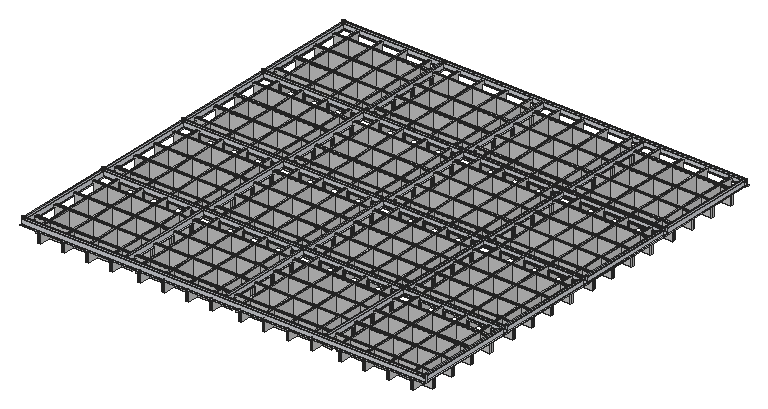
Revit family "GRD-WFL-001_RFA", category Modelos genéricos, Revit 2022 (continued)
Forms (in)
  Extrusion 693, solid
    sketch origin (83.61511, 23.99827, -1.20924) x (0, 1, 0) y (0, 0, -1)
      loop
        line (0.96881, 1.14538) -> (0.96881, -1.85462) -> (0.65631, -1.85462) -> (0.65631, -2.35462) -> (0.96881, -2.35462) -> (3.48948, -2.35462) -> (3.48948, -0.60462) -> (4.19814, -0.60462) -> (4.19814, -2.35462) -> (9.23948, -2.35462) -> (9.23948, -0.60462) -> (9.94814, -0.60462) -> (9.94814, -2.35462) -> (14.98948, -2.35462) -> (14.98948, -0.60462) -> (15.69814, -0.60462) -> (15.69814, -2.35462) -> (20.73948, -2.35462) -> (20.73948, -0.60462) -> (21.44814, -0.60462) -> (21.44814, -2.35462) -> (24.28131, -2.35462) -> (24.28131, -1.85462) -> (23.96881, -1.85462) -> (23.96881, 1.14538) -> (0.96881, 1.14538)
    from -3.96341 to -3.49097
  Extrusion 694, solid
    sketch origin (89.36511, 23.99827, -1.20924) x (0, 1, 0) y (0, 0, -1)
      loop
        line (0.96881, 1.14538) -> (0.96881, -1.85462) -> (0.65631, -1.85462) -> (0.65631, -2.35462) -> (0.96881, -2.35462) -> (3.48948, -2.35462) -> (3.48948, -0.60462) -> (4.19814, -0.60462) -> (4.19814, -2.35462) -> (9.23948, -2.35462) -> (9.23948, -0.60462) -> (9.94814, -0.60462) -> (9.94814, -2.35462) -> (14.98948, -2.35462) -> (14.98948, -0.60462) -> (15.69814, -0.60462) -> (15.69814, -2.35462) -> (20.73948, -2.35462) -> (20.73948, -0.60462) -> (21.44814, -0.60462) -> (21.44814, -2.35462) -> (24.28131, -2.35462) -> (24.28131, -1.85462) -> (23.96881, -1.85462) -> (23.96881, 1.14538) -> (0.96881, 1.14538)
    from -3.96341 to -3.49097
  Extrusion 695, solid
    sketch origin (71.99849, 47.99851, 0) x (1, 0, 0) y (0, 0, 1)
      loop
        line (0.96881, 0.64538) -> (0.96881, -2.35462) -> (3.48948, -2.35462) -> (3.48948, -0.60462) -> (4.19814, -0.60462) -> (4.19814, -2.35462) -> (9.23948, -2.35462) -> (9.23948, -0.60462) -> (9.94814, -0.60462) -> (9.94814, -2.35462) -> (14.98948, -2.35462) -> (14.98948, -0.60462) -> (15.69814, -0.60462) -> (15.69814, -2.35462) -> (20.73948, -2.35462) -> (20.73948, -0.60462) -> (21.44814, -0.60462) -> (21.44814, -2.35462) -> (23.96881, -2.35462) -> (23.96881, 0.64538) -> (24.28131, 0.64538) -> (24.28131, 1.14538) -> (0.65631, 1.14538) -> (0.65631, 0.64538) -> (0.96881, 0.64538)
    from -3.60908 to -3.49097
  Extrusion 696, solid
    sketch origin (71.99849, 47.99851, 0) x (1, 0, 0) y (0, 0, 1)
      loop
        line (0.96881, 0.64538) -> (0.96881, -2.35462) -> (3.48948, -2.35462) -> (3.48948, -0.60462) -> (4.19814, -0.60462) -> (4.19814, -2.35462) -> (9.23948, -2.35462) -> (9.23948, -0.60462) -> (9.94814, -0.60462) -> (9.94814, -2.35462) -> (14.98948, -2.35462) -> (14.98948, -0.60462) -> (15.69814, -0.60462) -> (15.69814, -2.35462) -> (20.73948, -2.35462) -> (20.73948, -0.60462) -> (21.44814, -0.60462) -> (21.44814, -2.35462) -> (23.96881, -2.35462) -> (23.96881, 0.64538) -> (24.28131, 0.64538) -> (24.28131, 1.14538) -> (0.65631, 1.14538) -> (0.65631, 0.64538) -> (0.96881, 0.64538)
    from -4.08152 to -3.60908
  Extrusion 697, solid
    sketch origin (71.99849, 47.99851, 0) x (1, 0, 0) y (0, 0, 1)
      loop
        line (0.96881, 0.64538) -> (0.96881, -2.35462) -> (3.48948, -2.35462) -> (3.48948, -0.60462) -> (4.19814, -0.60462) -> (4.19814, -2.35462) -> (9.23948, -2.35462) -> (9.23948, -0.60462) -> (9.94814, -0.60462) -> (9.94814, -2.35462) -> (14.98948, -2.35462) -> (14.98948, -0.60462) -> (15.69814, -0.60462) -> (15.69814, -2.35462) -> (20.73948, -2.35462) -> (20.73948, -0.60462) -> (21.44814, -0.60462) -> (21.44814, -2.35462) -> (23.96881, -2.35462) -> (23.96881, 0.64538) -> (24.28131, 0.64538) -> (24.28131, 1.14538) -> (0.65631, 1.14538) -> (0.65631, 0.64538) -> (0.96881, 0.64538)
    from -4.19963 to -4.08152
  Extrusion 698, solid
    sketch origin (71.997, 47.99999, -1.20924) x (0, 1, 0) y (0, 0, -1)
      loop
        line (0.96881, 1.14538) -> (0.96881, -1.85462) -> (0.65631, -1.85462) -> (0.65631, -2.35462) -> (0.96881, -2.35462) -> (3.48948, -2.35462) -> (3.48948, -0.60462) -> (4.19814, -0.60462) -> (4.19814, -2.35462) -> (9.23948, -2.35462) -> (9.23948, -0.60462) -> (9.94814, -0.60462) -> (9.94814, -2.35462) -> (14.98948, -2.35462) -> (14.98948, -0.60462) -> (15.69814, -0.60462) -> (15.69814, -2.35462) -> (20.73948, -2.35462) -> (20.73948, -0.60462) -> (21.44814, -0.60462) -> (21.44814, -2.35462) -> (24.28131, -2.35462) -> (24.28131, -1.85462) -> (23.96881, -1.85462) -> (23.96881, 1.14538) -> (0.96881, 1.14538)
    from -3.60908 to -3.49097
  Extrusion 699, solid
    sketch origin (72.11511, 47.99999, -1.20924) x (0, 1, 0) y (0, 0, -1)
      loop
        line (0.96881, 1.14538) -> (0.96881, -1.85462) -> (0.65631, -1.85462) -> (0.65631, -2.35462) -> (0.96881, -2.35462) -> (3.48948, -2.35462) -> (3.48948, -0.60462) -> (4.19814, -0.60462) -> (4.19814, -2.35462) -> (9.23948, -2.35462) -> (9.23948, -0.60462) -> (9.94814, -0.60462) -> (9.94814, -2.35462) -> (14.98948, -2.35462) -> (14.98948, -0.60462) -> (15.69814, -0.60462) -> (15.69814, -2.35462) -> (20.73948, -2.35462) -> (20.73948, -0.60462) -> (21.44814, -0.60462) -> (21.44814, -2.35462) -> (24.28131, -2.35462) -> (24.28131, -1.85462) -> (23.96881, -1.85462) -> (23.96881, 1.14538) -> (0.96881, 1.14538)
    from -3.96341 to -3.49097
  Extrusion 700, solid
    sketch origin (71.997, 47.99999, -1.20924) x (0, 1, 0) y (0, 0, -1)
      loop
        line (0.96881, 1.14538) -> (0.96881, -1.85462) -> (0.65631, -1.85462) -> (0.65631, -2.35462) -> (0.96881, -2.35462) -> (3.48948, -2.35462) -> (3.48948, -0.60462) -> (4.19814, -0.60462) -> (4.19814, -2.35462) -> (9.23948, -2.35462) -> (9.23948, -0.60462) -> (9.94814, -0.60462) -> (9.94814, -2.35462) -> (14.98948, -2.35462) -> (14.98948, -0.60462) -> (15.69814, -0.60462) -> (15.69814, -2.35462) -> (20.73948, -2.35462) -> (20.73948, -0.60462) -> (21.44814, -0.60462) -> (21.44814, -2.35462) -> (24.28131, -2.35462) -> (24.28131, -1.85462) -> (23.96881, -1.85462) -> (23.96881, 1.14538) -> (0.96881, 1.14538)
    from -4.19963 to -4.08152
  Extrusion 701, solid
    sketch origin (71.99849, 47.99851, 0) x (1, 0, 0) y (0, 0, 1)
      loop
        line (0.96881, 0.64538) -> (0.96881, -2.35462) -> (3.48948, -2.35462) -> (3.48948, -0.60462) -> (4.19814, -0.60462) -> (4.19814, -2.35462) -> (9.23948, -2.35462) -> (9.23948, -0.60462) -> (9.94814, -0.60462) -> (9.94814, -2.35462) -> (14.98948, -2.35462) -> (14.98948, -0.60462) -> (15.69814, -0.60462) -> (15.69814, -2.35462) -> (20.73948, -2.35462) -> (20.73948, -0.60462) -> (21.44814, -0.60462) -> (21.44814, -2.35462) -> (23.96881, -2.35462) -> (23.96881, 0.64538) -> (24.28131, 0.64538) -> (24.28131, 1.14538) -> (0.65631, 1.14538) -> (0.65631, 0.64538) -> (0.96881, 0.64538)
    from -9.94963 to -9.83152
  Extrusion 702, solid
    sketch origin (71.99849, 47.99851, 0) x (1, 0, 0) y (0, 0, 1)
      loop
        line (0.96881, 0.64538) -> (0.96881, -2.35462) -> (3.48948, -2.35462) -> (3.48948, -0.60462) -> (4.19814, -0.60462) -> (4.19814, -2.35462) -> (9.23948, -2.35462) -> (9.23948, -0.60462) -> (9.94814, -0.60462) -> (9.94814, -2.35462) -> (14.98948, -2.35462) -> (14.98948, -0.60462) -> (15.69814, -0.60462) -> (15.69814, -2.35462) -> (20.73948, -2.35462) -> (20.73948, -0.60462) -> (21.44814, -0.60462) -> (21.44814, -2.35462) -> (23.96881, -2.35462) -> (23.96881, 0.64538) -> (24.28131, 0.64538) -> (24.28131, 1.14538) -> (0.65631, 1.14538) -> (0.65631, 0.64538) -> (0.96881, 0.64538)
    from -9.35908 to -9.24097
  Extrusion 703, solid
    sketch origin (71.99849, 47.99851, 0) x (1, 0, 0) y (0, 0, 1)
      loop
        line (0.96881, 0.64538) -> (0.96881, -2.35462) -> (3.48948, -2.35462) -> (3.48948, -0.60462) -> (4.19814, -0.60462) -> (4.19814, -2.35462) -> (9.23948, -2.35462) -> (9.23948, -0.60462) -> (9.94814, -0.60462) -> (9.94814, -2.35462) -> (14.98948, -2.35462) -> (14.98948, -0.60462) -> (15.69814, -0.60462) -> (15.69814, -2.35462) -> (20.73948, -2.35462) -> (20.73948, -0.60462) -> (21.44814, -0.60462) -> (21.44814, -2.35462) -> (23.96881, -2.35462) -> (23.96881, 0.64538) -> (24.28131, 0.64538) -> (24.28131, 1.14538) -> (0.65631, 1.14538) -> (0.65631, 0.64538) -> (0.96881, 0.64538)
    from -9.83152 to -9.35908
  Extrusion 704, solid
    sketch origin (71.99849, 47.99851, 0) x (1, 0, 0) y (0, 0, 1)
      loop
        line (0.96881, 0.64538) -> (0.96881, -2.35462) -> (3.48948, -2.35462) -> (3.48948, -0.60462) -> (4.19814, -0.60462) -> (4.19814, -2.35462) -> (9.23948, -2.35462) -> (9.23948, -0.60462) -> (9.94814, -0.60462) -> (9.94814, -2.35462) -> (14.98948, -2.35462) -> (14.98948, -0.60462) -> (15.69814, -0.60462) -> (15.69814, -2.35462) -> (20.73948, -2.35462) -> (20.73948, -0.60462) -> (21.44814, -0.60462) -> (21.44814, -2.35462) -> (23.96881, -2.35462) -> (23.96881, 0.64538) -> (24.28131, 0.64538) -> (24.28131, 1.14538) -> (0.65631, 1.14538) -> (0.65631, 0.64538) -> (0.96881, 0.64538)
    from -15.69963 to -15.58152
  Extrusion 705, solid
    sketch origin (71.99849, 47.99851, 0) x (1, 0, 0) y (0, 0, 1)
      loop
        line (0.96881, 0.64538) -> (0.96881, -2.35462) -> (3.48948, -2.35462) -> (3.48948, -0.60462) -> (4.19814, -0.60462) -> (4.19814, -2.35462) -> (9.23948, -2.35462) -> (9.23948, -0.60462) -> (9.94814, -0.60462) -> (9.94814, -2.35462) -> (14.98948, -2.35462) -> (14.98948, -0.60462) -> (15.69814, -0.60462) -> (15.69814, -2.35462) -> (20.73948, -2.35462) -> (20.73948, -0.60462) -> (21.44814, -0.60462) -> (21.44814, -2.35462) -> (23.96881, -2.35462) -> (23.96881, 0.64538) -> (24.28131, 0.64538) -> (24.28131, 1.14538) -> (0.65631, 1.14538) -> (0.65631, 0.64538) -> (0.96881, 0.64538)
    from -15.10908 to -14.99097
  Extrusion 706, solid
    sketch origin (71.99849, 47.99851, 0) x (1, 0, 0) y (0, 0, 1)
      loop
        line (0.96881, 0.64538) -> (0.96881, -2.35462) -> (3.48948, -2.35462) -> (3.48948, -0.60462) -> (4.19814, -0.60462) -> (4.19814, -2.35462) -> (9.23948, -2.35462) -> (9.23948, -0.60462) -> (9.94814, -0.60462) -> (9.94814, -2.35462) -> (14.98948, -2.35462) -> (14.98948, -0.60462) -> (15.69814, -0.60462) -> (15.69814, -2.35462) -> (20.73948, -2.35462) -> (20.73948, -0.60462) -> (21.44814, -0.60462) -> (21.44814, -2.35462) -> (23.96881, -2.35462) -> (23.96881, 0.64538) -> (24.28131, 0.64538) -> (24.28131, 1.14538) -> (0.65631, 1.14538) -> (0.65631, 0.64538) -> (0.96881, 0.64538)
    from -15.58152 to -15.10908
  Extrusion 707, solid
    sketch origin (71.99849, 47.99851, 0) x (1, 0, 0) y (0, 0, 1)
      loop
        line (0.96881, 0.64538) -> (0.96881, -2.35462) -> (3.48948, -2.35462) -> (3.48948, -0.60462) -> (4.19814, -0.60462) -> (4.19814, -2.35462) -> (9.23948, -2.35462) -> (9.23948, -0.60462) -> (9.94814, -0.60462) -> (9.94814, -2.35462) -> (14.98948, -2.35462) -> (14.98948, -0.60462) -> (15.69814, -0.60462) -> (15.69814, -2.35462) -> (20.73948, -2.35462) -> (20.73948, -0.60462) -> (21.44814, -0.60462) -> (21.44814, -2.35462) -> (23.96881, -2.35462) -> (23.96881, 0.64538) -> (24.28131, 0.64538) -> (24.28131, 1.14538) -> (0.65631, 1.14538) -> (0.65631, 0.64538) -> (0.96881, 0.64538)
    from -21.44963 to -21.33152
  Extrusion 708, solid
    sketch origin (71.99849, 47.99851, 0) x (1, 0, 0) y (0, 0, 1)
      loop
        line (0.96881, 0.64538) -> (0.96881, -2.35462) -> (3.48948, -2.35462) -> (3.48948, -0.60462) -> (4.19814, -0.60462) -> (4.19814, -2.35462) -> (9.23948, -2.35462) -> (9.23948, -0.60462) -> (9.94814, -0.60462) -> (9.94814, -2.35462) -> (14.98948, -2.35462) -> (14.98948, -0.60462) -> (15.69814, -0.60462) -> (15.69814, -2.35462) -> (20.73948, -2.35462) -> (20.73948, -0.60462) -> (21.44814, -0.60462) -> (21.44814, -2.35462) -> (23.96881, -2.35462) -> (23.96881, 0.64538) -> (24.28131, 0.64538) -> (24.28131, 1.14538) -> (0.65631, 1.14538) -> (0.65631, 0.64538) -> (0.96881, 0.64538)
    from -20.85908 to -20.74097
  Extrusion 709, solid
    sketch origin (71.99849, 47.99851, 0) x (1, 0, 0) y (0, 0, 1)
      loop
        line (0.96881, 0.64538) -> (0.96881, -2.35462) -> (3.48948, -2.35462) -> (3.48948, -0.60462) -> (4.19814, -0.60462) -> (4.19814, -2.35462) -> (9.23948, -2.35462) -> (9.23948, -0.60462) -> (9.94814, -0.60462) -> (9.94814, -2.35462) -> (14.98948, -2.35462) -> (14.98948, -0.60462) -> (15.69814, -0.60462) -> (15.69814, -2.35462) -> (20.73948, -2.35462) -> (20.73948, -0.60462) -> (21.44814, -0.60462) -> (21.44814, -2.35462) -> (23.96881, -2.35462) -> (23.96881, 0.64538) -> (24.28131, 0.64538) -> (24.28131, 1.14538) -> (0.65631, 1.14538) -> (0.65631, 0.64538) -> (0.96881, 0.64538)
    from -21.33152 to -20.85908
  Extrusion 710, solid
    sketch origin (77.747, 47.99999, -1.20924) x (0, 1, 0) y (0, 0, -1)
      loop
        line (0.96881, 1.14538) -> (0.96881, -1.85462) -> (0.65631, -1.85462) -> (0.65631, -2.35462) -> (0.96881, -2.35462) -> (3.48948, -2.35462) -> (3.48948, -0.60462) -> (4.19814, -0.60462) -> (4.19814, -2.35462) -> (9.23948, -2.35462) -> (9.23948, -0.60462) -> (9.94814, -0.60462) -> (9.94814, -2.35462) -> (14.98948, -2.35462) -> (14.98948, -0.60462) -> (15.69814, -0.60462) -> (15.69814, -2.35462) -> (20.73948, -2.35462) -> (20.73948, -0.60462) -> (21.44814, -0.60462) -> (21.44814, -2.35462) -> (24.28131, -2.35462) -> (24.28131, -1.85462) -> (23.96881, -1.85462) -> (23.96881, 1.14538) -> (0.96881, 1.14538)
    from -4.19963 to -4.08152
  Extrusion 711, solid
    sketch origin (77.15645, 47.99999, -1.20924) x (0, 1, 0) y (0, 0, -1)
      loop
        line (0.96881, 1.14538) -> (0.96881, -1.85462) -> (0.65631, -1.85462) -> (0.65631, -2.35462) -> (0.96881, -2.35462) -> (3.48948, -2.35462) -> (3.48948, -0.60462) -> (4.19814, -0.60462) -> (4.19814, -2.35462) -> (9.23948, -2.35462) -> (9.23948, -0.60462) -> (9.94814, -0.60462) -> (9.94814, -2.35462) -> (14.98948, -2.35462) -> (14.98948, -0.60462) -> (15.69814, -0.60462) -> (15.69814, -2.35462) -> (20.73948, -2.35462) -> (20.73948, -0.60462) -> (21.44814, -0.60462) -> (21.44814, -2.35462) -> (24.28131, -2.35462) -> (24.28131, -1.85462) -> (23.96881, -1.85462) -> (23.96881, 1.14538) -> (0.96881, 1.14538)
    from -4.19963 to -4.08152
  Extrusion 712, solid
    sketch origin (83.497, 47.99999, -1.20924) x (0, 1, 0) y (0, 0, -1)
      loop
        line (0.96881, 1.14538) -> (0.96881, -1.85462) -> (0.65631, -1.85462) -> (0.65631, -2.35462) -> (0.96881, -2.35462) -> (3.48948, -2.35462) -> (3.48948, -0.60462) -> (4.19814, -0.60462) -> (4.19814, -2.35462) -> (9.23948, -2.35462) -> (9.23948, -0.60462) -> (9.94814, -0.60462) -> (9.94814, -2.35462) -> (14.98948, -2.35462) -> (14.98948, -0.60462) -> (15.69814, -0.60462) -> (15.69814, -2.35462) -> (20.73948, -2.35462) -> (20.73948, -0.60462) -> (21.44814, -0.60462) -> (21.44814, -2.35462) -> (24.28131, -2.35462) -> (24.28131, -1.85462) -> (23.96881, -1.85462) -> (23.96881, 1.14538) -> (0.96881, 1.14538)
    from -4.19963 to -4.08152
  Extrusion 713, solid
    sketch origin (82.90645, 47.99999, -1.20924) x (0, 1, 0) y (0, 0, -1)
      loop
        line (0.96881, 1.14538) -> (0.96881, -1.85462) -> (0.65631, -1.85462) -> (0.65631, -2.35462) -> (0.96881, -2.35462) -> (3.48948, -2.35462) -> (3.48948, -0.60462) -> (4.19814, -0.60462) -> (4.19814, -2.35462) -> (9.23948, -2.35462) -> (9.23948, -0.60462) -> (9.94814, -0.60462) -> (9.94814, -2.35462) -> (14.98948, -2.35462) -> (14.98948, -0.60462) -> (15.69814, -0.60462) -> (15.69814, -2.35462) -> (20.73948, -2.35462) -> (20.73948, -0.60462) -> (21.44814, -0.60462) -> (21.44814, -2.35462) -> (24.28131, -2.35462) -> (24.28131, -1.85462) -> (23.96881, -1.85462) -> (23.96881, 1.14538) -> (0.96881, 1.14538)
    from -4.19963 to -4.08152
  Extrusion 714, solid
    sketch origin (88.65645, 47.99999, -1.20924) x (0, 1, 0) y (0, 0, -1)
      loop
        line (0.96881, 1.14538) -> (0.96881, -1.85462) -> (0.65631, -1.85462) -> (0.65631, -2.35462) -> (0.96881, -2.35462) -> (3.48948, -2.35462) -> (3.48948, -0.60462) -> (4.19814, -0.60462) -> (4.19814, -2.35462) -> (9.23948, -2.35462) -> (9.23948, -0.60462) -> (9.94814, -0.60462) -> (9.94814, -2.35462) -> (14.98948, -2.35462) -> (14.98948, -0.60462) -> (15.69814, -0.60462) -> (15.69814, -2.35462) -> (20.73948, -2.35462) -> (20.73948, -0.60462) -> (21.44814, -0.60462) -> (21.44814, -2.35462) -> (24.28131, -2.35462) -> (24.28131, -1.85462) -> (23.96881, -1.85462) -> (23.96881, 1.14538) -> (0.96881, 1.14538)
    from -4.19963 to -4.08152
  Extrusion 715, solid
    sketch origin (89.247, 47.99999, -1.20924) x (0, 1, 0) y (0, 0, -1)
      loop
        line (0.96881, 1.14538) -> (0.96881, -1.85462) -> (0.65631, -1.85462) -> (0.65631, -2.35462) -> (0.96881, -2.35462) -> (3.48948, -2.35462) -> (3.48948, -0.60462) -> (4.19814, -0.60462) -> (4.19814, -2.35462) -> (9.23948, -2.35462) -> (9.23948, -0.60462) -> (9.94814, -0.60462) -> (9.94814, -2.35462) -> (14.98948, -2.35462) -> (14.98948, -0.60462) -> (15.69814, -0.60462) -> (15.69814, -2.35462) -> (20.73948, -2.35462) -> (20.73948, -0.60462) -> (21.44814, -0.60462) -> (21.44814, -2.35462) -> (24.28131, -2.35462) -> (24.28131, -1.85462) -> (23.96881, -1.85462) -> (23.96881, 1.14538) -> (0.96881, 1.14538)
    from -4.19963 to -4.08152
  Extrusion 716, solid
    sketch origin (77.86511, 47.99999, -1.20924) x (0, 1, 0) y (0, 0, -1)
      loop
        line (0.96881, 1.14538) -> (0.96881, -1.85462) -> (0.65631, -1.85462) -> (0.65631, -2.35462) -> (0.96881, -2.35462) -> (3.48948, -2.35462) -> (3.48948, -0.60462) -> (4.19814, -0.60462) -> (4.19814, -2.35462) -> (9.23948, -2.35462) -> (9.23948, -0.60462) -> (9.94814, -0.60462) -> (9.94814, -2.35462) -> (14.98948, -2.35462) -> (14.98948, -0.60462) -> (15.69814, -0.60462) -> (15.69814, -2.35462) -> (20.73948, -2.35462) -> (20.73948, -0.60462) -> (21.44814, -0.60462) -> (21.44814, -2.35462) -> (24.28131, -2.35462) -> (24.28131, -1.85462) -> (23.96881, -1.85462) -> (23.96881, 1.14538) -> (0.96881, 1.14538)
    from -3.96341 to -3.49097
  Extrusion 717, solid
    sketch origin (83.61511, 47.99999, -1.20924) x (0, 1, 0) y (0, 0, -1)
      loop
        line (0.96881, 1.14538) -> (0.96881, -1.85462) -> (0.65631, -1.85462) -> (0.65631, -2.35462) -> (0.96881, -2.35462) -> (3.48948, -2.35462) -> (3.48948, -0.60462) -> (4.19814, -0.60462) -> (4.19814, -2.35462) -> (9.23948, -2.35462) -> (9.23948, -0.60462) -> (9.94814, -0.60462) -> (9.94814, -2.35462) -> (14.98948, -2.35462) -> (14.98948, -0.60462) -> (15.69814, -0.60462) -> (15.69814, -2.35462) -> (20.73948, -2.35462) -> (20.73948, -0.60462) -> (21.44814, -0.60462) -> (21.44814, -2.35462) -> (24.28131, -2.35462) -> (24.28131, -1.85462) -> (23.96881, -1.85462) -> (23.96881, 1.14538) -> (0.96881, 1.14538)
    from -3.96341 to -3.49097
  Extrusion 718, solid
    sketch origin (89.36511, 47.99999, -1.20924) x (0, 1, 0) y (0, 0, -1)
      loop
        line (0.96881, 1.14538) -> (0.96881, -1.85462) -> (0.65631, -1.85462) -> (0.65631, -2.35462) -> (0.96881, -2.35462) -> (3.48948, -2.35462) -> (3.48948, -0.60462) -> (4.19814, -0.60462) -> (4.19814, -2.35462) -> (9.23948, -2.35462) -> (9.23948, -0.60462) -> (9.94814, -0.60462) -> (9.94814, -2.35462) -> (14.98948, -2.35462) -> (14.98948, -0.60462) -> (15.69814, -0.60462) -> (15.69814, -2.35462) -> (20.73948, -2.35462) -> (20.73948, -0.60462) -> (21.44814, -0.60462) -> (21.44814, -2.35462) -> (24.28131, -2.35462) -> (24.28131, -1.85462) -> (23.96881, -1.85462) -> (23.96881, 1.14538) -> (0.96881, 1.14538)
    from -3.96341 to -3.49097
  Extrusion 719, solid
    sketch origin (71.99849, 71.99679, 0) x (1, 0, 0) y (0, 0, 1)
      loop
        line (0.96881, 0.64538) -> (0.96881, -2.35462) -> (3.48948, -2.35462) -> (3.48948, -0.60462) -> (4.19814, -0.60462) -> (4.19814, -2.35462) -> (9.23948, -2.35462) -> (9.23948, -0.60462) -> (9.94814, -0.60462) -> (9.94814, -2.35462) -> (14.98948, -2.35462) -> (14.98948, -0.60462) -> (15.69814, -0.60462) -> (15.69814, -2.35462) -> (20.73948, -2.35462) -> (20.73948, -0.60462) -> (21.44814, -0.60462) -> (21.44814, -2.35462) -> (23.96881, -2.35462) -> (23.96881, 0.64538) -> (24.28131, 0.64538) -> (24.28131, 1.14538) -> (0.65631, 1.14538) -> (0.65631, 0.64538) -> (0.96881, 0.64538)
    from -3.60908 to -3.49097
  Extrusion 720, solid
    sketch origin (71.99849, 71.99679, 0) x (1, 0, 0) y (0, 0, 1)
      loop
        line (0.96881, 0.64538) -> (0.96881, -2.35462) -> (3.48948, -2.35462) -> (3.48948, -0.60462) -> (4.19814, -0.60462) -> (4.19814, -2.35462) -> (9.23948, -2.35462) -> (9.23948, -0.60462) -> (9.94814, -0.60462) -> (9.94814, -2.35462) -> (14.98948, -2.35462) -> (14.98948, -0.60462) -> (15.69814, -0.60462) -> (15.69814, -2.35462) -> (20.73948, -2.35462) -> (20.73948, -0.60462) -> (21.44814, -0.60462) -> (21.44814, -2.35462) -> (23.96881, -2.35462) -> (23.96881, 0.64538) -> (24.28131, 0.64538) -> (24.28131, 1.14538) -> (0.65631, 1.14538) -> (0.65631, 0.64538) -> (0.96881, 0.64538)
    from -4.08152 to -3.60908
  Extrusion 721, solid
    sketch origin (71.99849, 71.99679, 0) x (1, 0, 0) y (0, 0, 1)
      loop
        line (0.96881, 0.64538) -> (0.96881, -2.35462) -> (3.48948, -2.35462) -> (3.48948, -0.60462) -> (4.19814, -0.60462) -> (4.19814, -2.35462) -> (9.23948, -2.35462) -> (9.23948, -0.60462) -> (9.94814, -0.60462) -> (9.94814, -2.35462) -> (14.98948, -2.35462) -> (14.98948, -0.60462) -> (15.69814, -0.60462) -> (15.69814, -2.35462) -> (20.73948, -2.35462) -> (20.73948, -0.60462) -> (21.44814, -0.60462) -> (21.44814, -2.35462) -> (23.96881, -2.35462) -> (23.96881, 0.64538) -> (24.28131, 0.64538) -> (24.28131, 1.14538) -> (0.65631, 1.14538) -> (0.65631, 0.64538) -> (0.96881, 0.64538)
    from -4.19963 to -4.08152
  Extrusion 722, solid
    sketch origin (71.997, 71.99827, -1.20924) x (0, 1, 0) y (0, 0, -1)
      loop
        line (0.96881, 1.14538) -> (0.96881, -1.85462) -> (0.65631, -1.85462) -> (0.65631, -2.35462) -> (0.96881, -2.35462) -> (3.48948, -2.35462) -> (3.48948, -0.60462) -> (4.19814, -0.60462) -> (4.19814, -2.35462) -> (9.23948, -2.35462) -> (9.23948, -0.60462) -> (9.94814, -0.60462) -> (9.94814, -2.35462) -> (14.98948, -2.35462) -> (14.98948, -0.60462) -> (15.69814, -0.60462) -> (15.69814, -2.35462) -> (20.73948, -2.35462) -> (20.73948, -0.60462) -> (21.44814, -0.60462) -> (21.44814, -2.35462) -> (24.28131, -2.35462) -> (24.28131, -1.85462) -> (23.96881, -1.85462) -> (23.96881, 1.14538) -> (0.96881, 1.14538)
    from -3.60908 to -3.49097
  Extrusion 723, solid
    sketch origin (72.11511, 71.99827, -1.20924) x (0, 1, 0) y (0, 0, -1)
      loop
        line (0.96881, 1.14538) -> (0.96881, -1.85462) -> (0.65631, -1.85462) -> (0.65631, -2.35462) -> (0.96881, -2.35462) -> (3.48948, -2.35462) -> (3.48948, -0.60462) -> (4.19814, -0.60462) -> (4.19814, -2.35462) -> (9.23948, -2.35462) -> (9.23948, -0.60462) -> (9.94814, -0.60462) -> (9.94814, -2.35462) -> (14.98948, -2.35462) -> (14.98948, -0.60462) -> (15.69814, -0.60462) -> (15.69814, -2.35462) -> (20.73948, -2.35462) -> (20.73948, -0.60462) -> (21.44814, -0.60462) -> (21.44814, -2.35462) -> (24.28131, -2.35462) -> (24.28131, -1.85462) -> (23.96881, -1.85462) -> (23.96881, 1.14538) -> (0.96881, 1.14538)
    from -3.96341 to -3.49097
  Extrusion 724, solid
    sketch origin (71.997, 71.99827, -1.20924) x (0, 1, 0) y (0, 0, -1)
      loop
        line (0.96881, 1.14538) -> (0.96881, -1.85462) -> (0.65631, -1.85462) -> (0.65631, -2.35462) -> (0.96881, -2.35462) -> (3.48948, -2.35462) -> (3.48948, -0.60462) -> (4.19814, -0.60462) -> (4.19814, -2.35462) -> (9.23948, -2.35462) -> (9.23948, -0.60462) -> (9.94814, -0.60462) -> (9.94814, -2.35462) -> (14.98948, -2.35462) -> (14.98948, -0.60462) -> (15.69814, -0.60462) -> (15.69814, -2.35462) -> (20.73948, -2.35462) -> (20.73948, -0.60462) -> (21.44814, -0.60462) -> (21.44814, -2.35462) -> (24.28131, -2.35462) -> (24.28131, -1.85462) -> (23.96881, -1.85462) -> (23.96881, 1.14538) -> (0.96881, 1.14538)
    from -4.19963 to -4.08152
  Extrusion 725, solid
    sketch origin (71.99849, 71.99679, 0) x (1, 0, 0) y (0, 0, 1)
      loop
        line (0.96881, 0.64538) -> (0.96881, -2.35462) -> (3.48948, -2.35462) -> (3.48948, -0.60462) -> (4.19814, -0.60462) -> (4.19814, -2.35462) -> (9.23948, -2.35462) -> (9.23948, -0.60462) -> (9.94814, -0.60462) -> (9.94814, -2.35462) -> (14.98948, -2.35462) -> (14.98948, -0.60462) -> (15.69814, -0.60462) -> (15.69814, -2.35462) -> (20.73948, -2.35462) -> (20.73948, -0.60462) -> (21.44814, -0.60462) -> (21.44814, -2.35462) -> (23.96881, -2.35462) -> (23.96881, 0.64538) -> (24.28131, 0.64538) -> (24.28131, 1.14538) -> (0.65631, 1.14538) -> (0.65631, 0.64538) -> (0.96881, 0.64538)
    from -9.94963 to -9.83152
  Extrusion 726, solid
    sketch origin (71.99849, 71.99679, 0) x (1, 0, 0) y (0, 0, 1)
      loop
        line (0.96881, 0.64538) -> (0.96881, -2.35462) -> (3.48948, -2.35462) -> (3.48948, -0.60462) -> (4.19814, -0.60462) -> (4.19814, -2.35462) -> (9.23948, -2.35462) -> (9.23948, -0.60462) -> (9.94814, -0.60462) -> (9.94814, -2.35462) -> (14.98948, -2.35462) -> (14.98948, -0.60462) -> (15.69814, -0.60462) -> (15.69814, -2.35462) -> (20.73948, -2.35462) -> (20.73948, -0.60462) -> (21.44814, -0.60462) -> (21.44814, -2.35462) -> (23.96881, -2.35462) -> (23.96881, 0.64538) -> (24.28131, 0.64538) -> (24.28131, 1.14538) -> (0.65631, 1.14538) -> (0.65631, 0.64538) -> (0.96881, 0.64538)
    from -9.35908 to -9.24097
  Extrusion 727, solid
    sketch origin (71.99849, 71.99679, 0) x (1, 0, 0) y (0, 0, 1)
      loop
        line (0.96881, 0.64538) -> (0.96881, -2.35462) -> (3.48948, -2.35462) -> (3.48948, -0.60462) -> (4.19814, -0.60462) -> (4.19814, -2.35462) -> (9.23948, -2.35462) -> (9.23948, -0.60462) -> (9.94814, -0.60462) -> (9.94814, -2.35462) -> (14.98948, -2.35462) -> (14.98948, -0.60462) -> (15.69814, -0.60462) -> (15.69814, -2.35462) -> (20.73948, -2.35462) -> (20.73948, -0.60462) -> (21.44814, -0.60462) -> (21.44814, -2.35462) -> (23.96881, -2.35462) -> (23.96881, 0.64538) -> (24.28131, 0.64538) -> (24.28131, 1.14538) -> (0.65631, 1.14538) -> (0.65631, 0.64538) -> (0.96881, 0.64538)
    from -9.83152 to -9.35908
  Extrusion 728, solid
    sketch origin (71.99849, 71.99679, 0) x (1, 0, 0) y (0, 0, 1)
      loop
        line (0.96881, 0.64538) -> (0.96881, -2.35462) -> (3.48948, -2.35462) -> (3.48948, -0.60462) -> (4.19814, -0.60462) -> (4.19814, -2.35462) -> (9.23948, -2.35462) -> (9.23948, -0.60462) -> (9.94814, -0.60462) -> (9.94814, -2.35462) -> (14.98948, -2.35462) -> (14.98948, -0.60462) -> (15.69814, -0.60462) -> (15.69814, -2.35462) -> (20.73948, -2.35462) -> (20.73948, -0.60462) -> (21.44814, -0.60462) -> (21.44814, -2.35462) -> (23.96881, -2.35462) -> (23.96881, 0.64538) -> (24.28131, 0.64538) -> (24.28131, 1.14538) -> (0.65631, 1.14538) -> (0.65631, 0.64538) -> (0.96881, 0.64538)
    from -15.69963 to -15.58152
  Extrusion 729, solid
    sketch origin (71.99849, 71.99679, 0) x (1, 0, 0) y (0, 0, 1)
      loop
        line (0.96881, 0.64538) -> (0.96881, -2.35462) -> (3.48948, -2.35462) -> (3.48948, -0.60462) -> (4.19814, -0.60462) -> (4.19814, -2.35462) -> (9.23948, -2.35462) -> (9.23948, -0.60462) -> (9.94814, -0.60462) -> (9.94814, -2.35462) -> (14.98948, -2.35462) -> (14.98948, -0.60462) -> (15.69814, -0.60462) -> (15.69814, -2.35462) -> (20.73948, -2.35462) -> (20.73948, -0.60462) -> (21.44814, -0.60462) -> (21.44814, -2.35462) -> (23.96881, -2.35462) -> (23.96881, 0.64538) -> (24.28131, 0.64538) -> (24.28131, 1.14538) -> (0.65631, 1.14538) -> (0.65631, 0.64538) -> (0.96881, 0.64538)
    from -15.10908 to -14.99097
  Extrusion 730, solid
    sketch origin (71.99849, 71.99679, 0) x (1, 0, 0) y (0, 0, 1)
      loop
        line (0.96881, 0.64538) -> (0.96881, -2.35462) -> (3.48948, -2.35462) -> (3.48948, -0.60462) -> (4.19814, -0.60462) -> (4.19814, -2.35462) -> (9.23948, -2.35462) -> (9.23948, -0.60462) -> (9.94814, -0.60462) -> (9.94814, -2.35462) -> (14.98948, -2.35462) -> (14.98948, -0.60462) -> (15.69814, -0.60462) -> (15.69814, -2.35462) -> (20.73948, -2.35462) -> (20.73948, -0.60462) -> (21.44814, -0.60462) -> (21.44814, -2.35462) -> (23.96881, -2.35462) -> (23.96881, 0.64538) -> (24.28131, 0.64538) -> (24.28131, 1.14538) -> (0.65631, 1.14538) -> (0.65631, 0.64538) -> (0.96881, 0.64538)
    from -15.58152 to -15.10908
  Extrusion 731, solid
    sketch origin (71.99849, 71.99679, 0) x (1, 0, 0) y (0, 0, 1)
      loop
        line (0.96881, 0.64538) -> (0.96881, -2.35462) -> (3.48948, -2.35462) -> (3.48948, -0.60462) -> (4.19814, -0.60462) -> (4.19814, -2.35462) -> (9.23948, -2.35462) -> (9.23948, -0.60462) -> (9.94814, -0.60462) -> (9.94814, -2.35462) -> (14.98948, -2.35462) -> (14.98948, -0.60462) -> (15.69814, -0.60462) -> (15.69814, -2.35462) -> (20.73948, -2.35462) -> (20.73948, -0.60462) -> (21.44814, -0.60462) -> (21.44814, -2.35462) -> (23.96881, -2.35462) -> (23.96881, 0.64538) -> (24.28131, 0.64538) -> (24.28131, 1.14538) -> (0.65631, 1.14538) -> (0.65631, 0.64538) -> (0.96881, 0.64538)
    from -21.44963 to -21.33152
  Extrusion 732, solid
    sketch origin (71.99849, 71.99679, 0) x (1, 0, 0) y (0, 0, 1)
      loop
        line (0.96881, 0.64538) -> (0.96881, -2.35462) -> (3.48948, -2.35462) -> (3.48948, -0.60462) -> (4.19814, -0.60462) -> (4.19814, -2.35462) -> (9.23948, -2.35462) -> (9.23948, -0.60462) -> (9.94814, -0.60462) -> (9.94814, -2.35462) -> (14.98948, -2.35462) -> (14.98948, -0.60462) -> (15.69814, -0.60462) -> (15.69814, -2.35462) -> (20.73948, -2.35462) -> (20.73948, -0.60462) -> (21.44814, -0.60462) -> (21.44814, -2.35462) -> (23.96881, -2.35462) -> (23.96881, 0.64538) -> (24.28131, 0.64538) -> (24.28131, 1.14538) -> (0.65631, 1.14538) -> (0.65631, 0.64538) -> (0.96881, 0.64538)
    from -20.85908 to -20.74097
  Extrusion 733, solid
    sketch origin (71.99849, 71.99679, 0) x (1, 0, 0) y (0, 0, 1)
      loop
        line (0.96881, 0.64538) -> (0.96881, -2.35462) -> (3.48948, -2.35462) -> (3.48948, -0.60462) -> (4.19814, -0.60462) -> (4.19814, -2.35462) -> (9.23948, -2.35462) -> (9.23948, -0.60462) -> (9.94814, -0.60462) -> (9.94814, -2.35462) -> (14.98948, -2.35462) -> (14.98948, -0.60462) -> (15.69814, -0.60462) -> (15.69814, -2.35462) -> (20.73948, -2.35462) -> (20.73948, -0.60462) -> (21.44814, -0.60462) -> (21.44814, -2.35462) -> (23.96881, -2.35462) -> (23.96881, 0.64538) -> (24.28131, 0.64538) -> (24.28131, 1.14538) -> (0.65631, 1.14538) -> (0.65631, 0.64538) -> (0.96881, 0.64538)
    from -21.33152 to -20.85908
  Extrusion 734, solid
    sketch origin (77.747, 71.99827, -1.20924) x (0, 1, 0) y (0, 0, -1)
      loop
        line (0.96881, 1.14538) -> (0.96881, -1.85462) -> (0.65631, -1.85462) -> (0.65631, -2.35462) -> (0.96881, -2.35462) -> (3.48948, -2.35462) -> (3.48948, -0.60462) -> (4.19814, -0.60462) -> (4.19814, -2.35462) -> (9.23948, -2.35462) -> (9.23948, -0.60462) -> (9.94814, -0.60462) -> (9.94814, -2.35462) -> (14.98948, -2.35462) -> (14.98948, -0.60462) -> (15.69814, -0.60462) -> (15.69814, -2.35462) -> (20.73948, -2.35462) -> (20.73948, -0.60462) -> (21.44814, -0.60462) -> (21.44814, -2.35462) -> (24.28131, -2.35462) -> (24.28131, -1.85462) -> (23.96881, -1.85462) -> (23.96881, 1.14538) -> (0.96881, 1.14538)
    from -4.19963 to -4.08152
  Extrusion 735, solid
    sketch origin (77.15645, 71.99827, -1.20924) x (0, 1, 0) y (0, 0, -1)
      loop
        line (0.96881, 1.14538) -> (0.96881, -1.85462) -> (0.65631, -1.85462) -> (0.65631, -2.35462) -> (0.96881, -2.35462) -> (3.48948, -2.35462) -> (3.48948, -0.60462) -> (4.19814, -0.60462) -> (4.19814, -2.35462) -> (9.23948, -2.35462) -> (9.23948, -0.60462) -> (9.94814, -0.60462) -> (9.94814, -2.35462) -> (14.98948, -2.35462) -> (14.98948, -0.60462) -> (15.69814, -0.60462) -> (15.69814, -2.35462) -> (20.73948, -2.35462) -> (20.73948, -0.60462) -> (21.44814, -0.60462) -> (21.44814, -2.35462) -> (24.28131, -2.35462) -> (24.28131, -1.85462) -> (23.96881, -1.85462) -> (23.96881, 1.14538) -> (0.96881, 1.14538)
    from -4.19963 to -4.08152
  Extrusion 736, solid
    sketch origin (83.497, 71.99827, -1.20924) x (0, 1, 0) y (0, 0, -1)
      loop
        line (0.96881, 1.14538) -> (0.96881, -1.85462) -> (0.65631, -1.85462) -> (0.65631, -2.35462) -> (0.96881, -2.35462) -> (3.48948, -2.35462) -> (3.48948, -0.60462) -> (4.19814, -0.60462) -> (4.19814, -2.35462) -> (9.23948, -2.35462) -> (9.23948, -0.60462) -> (9.94814, -0.60462) -> (9.94814, -2.35462) -> (14.98948, -2.35462) -> (14.98948, -0.60462) -> (15.69814, -0.60462) -> (15.69814, -2.35462) -> (20.73948, -2.35462) -> (20.73948, -0.60462) -> (21.44814, -0.60462) -> (21.44814, -2.35462) -> (24.28131, -2.35462) -> (24.28131, -1.85462) -> (23.96881, -1.85462) -> (23.96881, 1.14538) -> (0.96881, 1.14538)
    from -4.19963 to -4.08152
  Extrusion 737, solid
    sketch origin (82.90645, 71.99827, -1.20924) x (0, 1, 0) y (0, 0, -1)
      loop
        line (0.96881, 1.14538) -> (0.96881, -1.85462) -> (0.65631, -1.85462) -> (0.65631, -2.35462) -> (0.96881, -2.35462) -> (3.48948, -2.35462) -> (3.48948, -0.60462) -> (4.19814, -0.60462) -> (4.19814, -2.35462) -> (9.23948, -2.35462) -> (9.23948, -0.60462) -> (9.94814, -0.60462) -> (9.94814, -2.35462) -> (14.98948, -2.35462) -> (14.98948, -0.60462) -> (15.69814, -0.60462) -> (15.69814, -2.35462) -> (20.73948, -2.35462) -> (20.73948, -0.60462) -> (21.44814, -0.60462) -> (21.44814, -2.35462) -> (24.28131, -2.35462) -> (24.28131, -1.85462) -> (23.96881, -1.85462) -> (23.96881, 1.14538) -> (0.96881, 1.14538)
    from -4.19963 to -4.08152
  Extrusion 738, solid
    sketch origin (88.65645, 71.99827, -1.20924) x (0, 1, 0) y (0, 0, -1)
      loop
        line (0.96881, 1.14538) -> (0.96881, -1.85462) -> (0.65631, -1.85462) -> (0.65631, -2.35462) -> (0.96881, -2.35462) -> (3.48948, -2.35462) -> (3.48948, -0.60462) -> (4.19814, -0.60462) -> (4.19814, -2.35462) -> (9.23948, -2.35462) -> (9.23948, -0.60462) -> (9.94814, -0.60462) -> (9.94814, -2.35462) -> (14.98948, -2.35462) -> (14.98948, -0.60462) -> (15.69814, -0.60462) -> (15.69814, -2.35462) -> (20.73948, -2.35462) -> (20.73948, -0.60462) -> (21.44814, -0.60462) -> (21.44814, -2.35462) -> (24.28131, -2.35462) -> (24.28131, -1.85462) -> (23.96881, -1.85462) -> (23.96881, 1.14538) -> (0.96881, 1.14538)
    from -4.19963 to -4.08152
  Extrusion 739, solid
    sketch origin (89.247, 71.99827, -1.20924) x (0, 1, 0) y (0, 0, -1)
      loop
        line (0.96881, 1.14538) -> (0.96881, -1.85462) -> (0.65631, -1.85462) -> (0.65631, -2.35462) -> (0.96881, -2.35462) -> (3.48948, -2.35462) -> (3.48948, -0.60462) -> (4.19814, -0.60462) -> (4.19814, -2.35462) -> (9.23948, -2.35462) -> (9.23948, -0.60462) -> (9.94814, -0.60462) -> (9.94814, -2.35462) -> (14.98948, -2.35462) -> (14.98948, -0.60462) -> (15.69814, -0.60462) -> (15.69814, -2.35462) -> (20.73948, -2.35462) -> (20.73948, -0.60462) -> (21.44814, -0.60462) -> (21.44814, -2.35462) -> (24.28131, -2.35462) -> (24.28131, -1.85462) -> (23.96881, -1.85462) -> (23.96881, 1.14538) -> (0.96881, 1.14538)
    from -4.19963 to -4.08152
  Extrusion 740, solid
    sketch origin (77.86511, 71.99827, -1.20924) x (0, 1, 0) y (0, 0, -1)
      loop
        line (0.96881, 1.14538) -> (0.96881, -1.85462) -> (0.65631, -1.85462) -> (0.65631, -2.35462) -> (0.96881, -2.35462) -> (3.48948, -2.35462) -> (3.48948, -0.60462) -> (4.19814, -0.60462) -> (4.19814, -2.35462) -> (9.23948, -2.35462) -> (9.23948, -0.60462) -> (9.94814, -0.60462) -> (9.94814, -2.35462) -> (14.98948, -2.35462) -> (14.98948, -0.60462) -> (15.69814, -0.60462) -> (15.69814, -2.35462) -> (20.73948, -2.35462) -> (20.73948, -0.60462) -> (21.44814, -0.60462) -> (21.44814, -2.35462) -> (24.28131, -2.35462) -> (24.28131, -1.85462) -> (23.96881, -1.85462) -> (23.96881, 1.14538) -> (0.96881, 1.14538)
    from -3.96341 to -3.49097
  Extrusion 741, solid
    sketch origin (83.61511, 71.99827, -1.20924) x (0, 1, 0) y (0, 0, -1)
      loop
        line (0.96881, 1.14538) -> (0.96881, -1.85462) -> (0.65631, -1.85462) -> (0.65631, -2.35462) -> (0.96881, -2.35462) -> (3.48948, -2.35462) -> (3.48948, -0.60462) -> (4.19814, -0.60462) -> (4.19814, -2.35462) -> (9.23948, -2.35462) -> (9.23948, -0.60462) -> (9.94814, -0.60462) -> (9.94814, -2.35462) -> (14.98948, -2.35462) -> (14.98948, -0.60462) -> (15.69814, -0.60462) -> (15.69814, -2.35462) -> (20.73948, -2.35462) -> (20.73948, -0.60462) -> (21.44814, -0.60462) -> (21.44814, -2.35462) -> (24.28131, -2.35462) -> (24.28131, -1.85462) -> (23.96881, -1.85462) -> (23.96881, 1.14538) -> (0.96881, 1.14538)
    from -3.96341 to -3.49097
  Extrusion 742, solid
    sketch origin (89.36511, 71.99827, -1.20924) x (0, 1, 0) y (0, 0, -1)
      loop
        line (0.96881, 1.14538) -> (0.96881, -1.85462) -> (0.65631, -1.85462) -> (0.65631, -2.35462) -> (0.96881, -2.35462) -> (3.48948, -2.35462) -> (3.48948, -0.60462) -> (4.19814, -0.60462) -> (4.19814, -2.35462) -> (9.23948, -2.35462) -> (9.23948, -0.60462) -> (9.94814, -0.60462) -> (9.94814, -2.35462) -> (14.98948, -2.35462) -> (14.98948, -0.60462) -> (15.69814, -0.60462) -> (15.69814, -2.35462) -> (20.73948, -2.35462) -> (20.73948, -0.60462) -> (21.44814, -0.60462) -> (21.44814, -2.35462) -> (24.28131, -2.35462) -> (24.28131, -1.85462) -> (23.96881, -1.85462) -> (23.96881, 1.14538) -> (0.96881, 1.14538)
    from -3.96341 to -3.49097
Dimensions and locks (in)
  Extrusion 199 to Extrusion 263 to Extrusion 265 to Extrusion 279 to Extrusion 278 to Extrusion 281 to Extrusion 280 to Extrusion 282 to Extrusion 283 to Extrusion 198 = 2.57441", 0.70866", 5.04134", 0.70866", 5.04134", 0.70866", 5.04134", 0.70866", 2.57314"
  Extrusion 257 to Extrusion 259 to Extrusion 270 to Extrusion 269 to Extrusion 273 to Extrusion 272 to Extrusion 277 to Extrusion 275 = 0.70866", 5.04134", 0.70866", 5.04134", 0.70866", 5.15945", 0.59055"
  Extrusion 199 to Extrusion 198 = 24.00"
  Extrusion 175 to Extrusion 176 = 23.99999"
  Extrusion 199 to Extrusion 199 to Extrusion 257 = 1.67473", 2.94518"
  aligned and locked: level to plane 2
